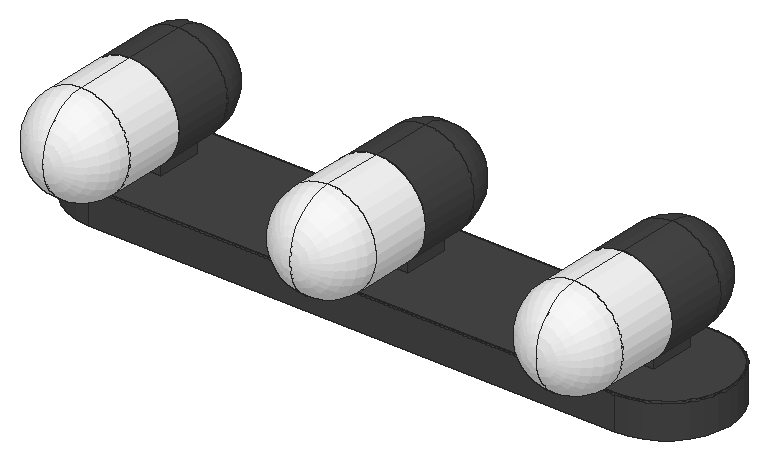
Revit family "AFX-Irvine-Vanity", category Lighting Fixtures, host Face, Revit 2021
Family settings
  Host = Face
  Round Connector Dimension = Use Diameter
  Part Type = Normal
  Cut with Voids When Loaded = No
  Light Source = No
  Shared = No
  Room Calculation Point = No
Parameters (values of type "IRVV2406LAJUDBK")
  Wattage Comments = "15"
  Voltage = 120 V
  URL = "https://www.afxinc.com/"
  Type Comments = "Irvine"  # constant formula
  Sustainability = "https://lamprecycle.org/en/"
  Revit File Built By = "https://servex-us.com/servex-revit/"
  Qty = 3
  Product Documentation Link = "https://www.afxinc.com/products/productDetail.cfm?productID=2774"
  Power Factor = 1
  Model = "IRVV2406LAJUDBK"
  Manufacturer = "AFX Inc"  # constant formula
  Length = 24"
  Lamp = ""
  Keynote = "12500"  # constant formula
  Housing Finish = AFX - Black Steel
  Height = 12"
  Diffuser Finish = AFX - White Acrylic
  Description = "Led Vanity - 24\"W 6 1/2\"D 12\"H"
  Depth = 6 1/2"
  Default Elevation = 48"
  Colour Rendering Index = "80"
  Canopy Finish = AFX - Black Steel
  Assembly Code = "D5020200"
  Apparent Load = 0 VA
Types (3): name | Qty | Product Documentation Link | Model | Length | Description | Default Elevation
  (no name) | 3 | "https://www.afxinc.com/products/productDetail.cfm?productID=2774" | "IRVV2406LAJUDBK" | 24" | "Led Vanity - 24\"W 6 1/2\"D 12\"H" | 48"
  IRVV2406LAJUDBK | 3 | "https://www.afxinc.com/products/productDetail.cfm?productID=2774" | "IRVV2406LAJUDBK" | 24" | "Led Vanity - 24\"W 6 1/2\"D 12\"H" | 48"
  IRVV3206LAJUDBK | 4 | "https://www.afxinc.com/products/productDetail.cfm?productID=2778" | "IRVV3206LAJUDBK" | 33" | "Led Vanity - 33\"W x 6 1/2\"D x 12\"H" | 0"
Reference planes (in)
  plane 1 "Center (Front/Back)": y = 0.13952
  plane 2: z = 0
  plane 3 "Center (Left/Right)": x = 0
  plane 4: x = -12
  plane 5: x = 12
  plane 6: z = 6.5
  plane 7: x = -9.05512
  plane 8: y = 0.42077
  plane 9: x = 9.05512
  plane 10: z = 1.25984
  plane 11: z = 3.46291
Forms (in)
  Sweep 1, solid, material "AFX - Black Steel" <- "Housing Finish"
    path origin (0, 0, 0) x (1, 0, 0) y (0, 1, 0)
      loop
        arc (-9.64567, 2.50173) -> (-12.00787, 0.13952) -> (-9.64567, -2.22268) r 2.3622
        line (-9.64567, -2.22268) -> (9.64567, -2.22268)
        arc (9.64567, -2.22268) -> (12.00787, 0.13952) -> (9.64567, 2.50173) r 2.3622
        line (9.64567, 2.50173) -> (-9.64567, 2.50173)
    profile origin (0, 2.50173, 0) x (0, 1, 0) y (0, 0, 1)
      loop
        line (-0.03937, 1.25984) -> (-0.03937, 0) -> (0, 0) -> (0, 1.22047)
        arc (0, 1.22047) -> (-0.01153, 1.24831) -> (-0.03937, 1.25984) r 0.03937
  Extrusion 2, solid, material "AFX - Black Steel" <- "Housing Finish"
    sketch origin (0, 0, 0) x (1, 0, 0) y (0, 1, 0)
      loop
        arc (-9.64567, 2.46236) -> (-11.9685, 0.13952) -> (-9.64567, -2.18331) r 2.32283
        line (-9.64567, -2.18331) -> (9.64567, -2.18331)
        arc (9.64567, -2.18331) -> (11.9685, 0.13952) -> (9.64567, 2.46236) r 2.32283
        line (9.64567, 2.46236) -> (-9.64567, 2.46236)
    from 0 to 1.25984
Lines and regions (in)
  symbolic lines
    curve 1: line (12, 0.13952, 1.23029) -> (12, 0.13952, 0)
    curve 2: line (12, 0.13952, 0) -> (-12, 0.13952, 0)
    curve 3: line (-12, 0.13952, 0) -> (-12, 0.13952, 1.23098)
    curve 4: line (-11.97114, 0.13952, 1.25984) -> (11.97044, 0.13952, 1.25984)
    curve 5: arc (11.97044, 0.13952, 1.25984) -> (11.99134, 0.13952, 1.25119) -> (12, 0.13952, 1.23029) r 0.02956
    curve 6: arc (-12, 0.13952, 1.23098) -> (-11.99155, 0.13952, 1.25139) -> (-11.97114, 0.13952, 1.25984) r 0.02886
Dimensions and locks (in)
  "Length": plane 4 to plane 5
  equal spacing: plane 4, plane 3 "Center (Left/Right)", plane 5
  "Depth": plane 2 to plane 6
  locked: plane 1 "Center (Front/Back)" to plane 8 at 0.28125
  locked: Sweep 1 sketch curve to plane 5 at 2.35433
  locked: plane 4 to Sweep 1 sketch curve at 2.35433
  Sweep 1 sketch curve to plane 1 "Center (Front/Back)" to Sweep 1 sketch curve = 2.3622" locked, 2.3622" locked
  locked: plane 4 to Extrusion 2 sketch curve at 2.35433
  Extrusion 2 sketch curve to plane 5 = 2.35433"
  Sweep 1 to plane 1 "Center (Front/Back)" to Extrusion 2 sketch curve = 2.32283" locked, 2.32283" locked
  locked: Sweep 1 sketch curve to plane 2 at 1.22047
  Sweep 1 sketch curve to Sweep 1 sketch curve to plane 8 = 0.03937" locked, 2.04158" locked
  equal spacing: group 1, group 3, group 2  (x3)
  locked: plane 5 to plane 9 at 2.94488
  locked: plane 4 to plane 7 at 2.94488
  plane 11 to plane 10 to plane 2 = 2.20307" locked, 1.25984" locked
  aligned and locked: host face to plane 2
  aligned and locked: level to host face
  aligned and locked: nested 1 to plane 7
  aligned and locked: nested 1 to plane 8
  aligned and locked: plane 1 "Center (Front/Back)" to Sweep 1 sketch curve  (x2)
  aligned and locked: Extrusion 2 to plane 2
  aligned and locked: Extrusion 2 to Sweep 1
  aligned and locked: plane 10 to nested 1
  aligned and locked: nested 2 to plane 9
  aligned and locked: nested 2 to plane 8
  aligned and locked: plane 5 to curve 1
  aligned and locked: plane 4 to curve 3
  aligned and locked: Extrusion 2 to plane 10
Automatic sketch dimensions
  host sketch curve to host sketch curve = 96"  (x2)
  Sweep 1 sketch curve to level = 0"
  plane 1 "Center (Front/Back)" to Extrusion 2 sketch curve = 0"
  curve 4 to plane 10 = 0"
  curve 1 to level = 0"
  curve 4 to plane 5 = 0.02956"
  plane 10 to curve 3 = 0.02886"
Nested families (in)
  nested 1: "Lighting" at (-9.05512, 0.42077, 0), Canopy Finish <- "Canopy Finish", Diffuser Finish <- "Diffuser Finish", type "Lighting"
    with Diffuser Finish AFX - White Acrylic, Canopy Finish AFX - Black Steel, 8" yes, 12" no
  nested 2: "Lighting" at (9.05512, 0.42077, 0), Canopy Finish <- "Canopy Finish", Diffuser Finish <- "Diffuser Finish", type "Lighting"
    with Diffuser Finish AFX - White Acrylic, Canopy Finish AFX - Black Steel, 8" yes, 12" no
  nested 3: "Lighting" at (0, 0.42077, 0), Canopy Finish <- "Canopy Finish", Diffuser Finish <- "Diffuser Finish", type "Lighting"
    with Diffuser Finish AFX - White Acrylic, Canopy Finish AFX - Black Steel, 8" yes, 12" no
Connectors (in)
  electrical at (0, 0.13952, 0), driven by "Power Factor", driven by "Apparent Load", driven by "Voltage"
    settings: on Sweep 1, index 1, voltage 120 V, apparent load 0 VA, apparent load phase1 0 VA, apparent load phase2 0 VA, apparent load phase3 0 VA, power factor 1, load classification "Lighting", number of poles 1, system type 31, power factor state 1, is connector primary yes, connector utility no, sub classification motor no, connector description ""
Definition of nested family "Lighting"
  Parameters (values of type "Lighting")
    Wattage = 9.2903 W
    built-in parameter 1150110 = 1 (stored number, unit not read)
    built-in parameter 1114217 = 1 (stored number, unit not read)
    Tilt Angle = 90.00°
    built-in parameter 1150109 = 1 (stored number, unit not read)
    built-in parameter 1150134 = 3
    built-in parameter 1150113 = 1 (stored number, unit not read)
    Revit Model Built By = "https://servex-us.com/servex-revit/"
    Photometric Web File = "(3000K).IES"
    built-in parameter 1150105 = 109.82 (stored number, unit not read)
    Lumens = 1380 lm
    built-in parameter 1150115 = 1 (stored number, unit not read)
    built-in parameter 1150137 = (empty or 0)
    built-in parameter 1150139 = (empty or 0)
    built-in parameter 1150112 = 1 (stored number, unit not read)
    built-in parameter 1150114 = 1 (stored number, unit not read)
    built-in parameter 1150132 = (empty or 0)
    built-in parameter 1150102 = (empty or 0)
    built-in parameter 1150107 = 3200 (stored number, unit not read)
    built-in parameter 1150138 = (empty or 0)
    built-in parameter 1150106 = 1.0982 (stored number, unit not read)
    Emit from Circle Diameter = 3"
    Emit Shape Visible in Rendering = no
    built-in parameter 1150104 = 13.8 (stored number, unit not read)
    Dimming Lamp Color Temperature Shift = (empty or 0)
    Diffuser Finish [instance] = none
    Default Elevation = 0"
    Color Filter = 16777215
    Canopy Finish [instance] = none
    built-in parameter 1114218 = 1 (stored number, unit not read)
    built-in parameter 1150133 = 10 (stored number, unit not read)
    8" [instance] = yes
    12" [instance] = yes
  Reference planes (in)
    plane 1 "Center (Front/Back)": y = 0
    plane 2: z = 0
    plane 3 "Center (Left/Right)": x = 0
    plane 4: z = 1.25984
  Forms (in)
    Revolve 1, solid, material <- "Canopy Finish", visible <- "8""
      sketch origin (0, 0, 1.69126) x (0, 1, 0) y (0, 0, 1)
        loop
          line (-1.49606, 3.54331) -> (-1.49606, 1.77165) -> (2.5194, 1.77165)
          arc (2.5194, 1.77165) -> (2.00063, 3.02439) -> (0.74796, 3.54331) r 1.77144
          line (0.74796, 3.54331) -> (-1.49606, 3.54331)
        axis (-1.49606, 1.77165) -> (2.5194, 1.77165)
      angle from 0 to 360
    Revolve 2, solid, material <- "Diffuser Finish", visible <- "8""
      sketch origin (0, 0, 1.69126) x (0, 1, 0) y (0, 0, 1)
        loop
          line (-1.49606, 3.54331) -> (-3.72441, 3.54331)
          arc (-3.72441, 3.54331) -> (-4.97716, 3.0244) -> (-5.49606, 1.77165) r 1.77165
          line (-5.49606, 1.77165) -> (-1.49606, 1.77165) -> (-1.49606, 3.54331)
        axis (-1.49606, 1.77165) -> (-5.49606, 1.77165)
      angle from 0 to 360
    Extrusion 3, solid, material <- "Canopy Finish"
      sketch origin (0, 0, 0) x (1, 0, 0) y (0, 0, 1)
        loop
          line (-0.59055, 1.25984) -> (0.59055, 1.25984) -> (0.59055, 1.77165)
          arc (0.59055, 1.77165) -> (0, 1.69126) -> (-0.59055, 1.77165) r 2.20918
          line (-0.59055, 1.77165) -> (-0.59055, 1.25984)
      from -0.82677 to 0.82677
  Lines and regions (in)
    symbolic lines
      curve 1: arc (0, 0, 1.69126) -> (1.77165, 0, 3.46291) -> (0, 0, 5.23457) r 1.77165
      curve 2: arc (0, 0, 5.23457) -> (-1.77165, 0, 3.46291) -> (0, 0, 1.69126) r 1.77165
      curve 3: line (0.59055, 0, 1.77165) -> (0.59055, 0, 1.25984)
      curve 4: line (-0.59055, 0, 1.25984) -> (0.59055, 0, 1.25984)
      curve 5: line (-0.59055, 0, 1.77165) -> (-0.59055, 0, 1.25984)
      curve 6: arc (0.59055, 0, 1.77165) -> (0, 0, 1.69126) -> (-0.59055, 0, 1.77165) r 2.20918
  Dimensions and locks (in)
    aligned and locked: plane 2 to level
    aligned: curve 1 to Revolve 2
    aligned and locked: curve 2 to Revolve 2
    aligned and locked: imposter light to Revolve 2
  Automatic sketch dimensions
    plane 1 "Center (Front/Back)" to Revolve 1 sketch curve = 1.49606"
    Revolve 1 sketch curve to plane 1 "Center (Front/Back)" = 0.74796"
    Revolve 1 sketch curve to Revolve 1 sketch curve = 1.77144"
    Revolve 1 sketch curve to plane 4 = 2.20307"
    Revolve 1 sketch curve to Revolve 1 sketch curve = 0.00021"
    Revolve 1 sketch curve to Revolve 1 sketch curve = 4.40074"
    Revolve 1 sketch curve to Revolve 1 sketch curve = 0.3338"
    Revolve 1 sketch curve to Revolve 1 sketch curve = 0"
    Revolve 2 sketch curve to plane 4 = 2.20307"
    plane 1 "Center (Front/Back)" to Revolve 2 sketch curve = 5.49606"
    Revolve 2 sketch curve to Revolve 2 sketch curve = 1.77165"
    plane 1 "Center (Front/Back)" to Revolve 2 sketch curve = 1.49606"
    Revolve 2 sketch curve to Revolve 2 sketch curve = 0"  (x2)
    Revolve 2 sketch curve to Revolve 2 sketch curve = 1.427"
    plane 1 "Center (Front/Back)" to Revolve 2 sketch curve = 0.29593"
    Extrusion 3 sketch curve to plane 4 = 0"
    Extrusion 3 sketch curve to plane 3 "Center (Left/Right)" = 0"
    Extrusion 3 sketch curve to plane 3 "Center (Left/Right)" = 0.59055"
    plane 3 "Center (Left/Right)" to Extrusion 3 sketch curve = 0.59055"
    Extrusion 3 sketch curve to plane 4 = 0.51181"
    Extrusion 3 sketch curve to Extrusion 3 sketch curve = 2.12878"
    curve 5 to plane 4 = 0"
    curve 6 to plane 3 "Center (Left/Right)" = 0"
    curve 1 to plane 3 "Center (Left/Right)" = 0"  (x2)
    curve 4 to plane 3 "Center (Left/Right)" = 0.59055"
    plane 3 "Center (Left/Right)" to curve 3 = 0.59055"
    curve 1 to curve 6 = 0.43752"
    curve 6 to plane 4 = 0.51181"
